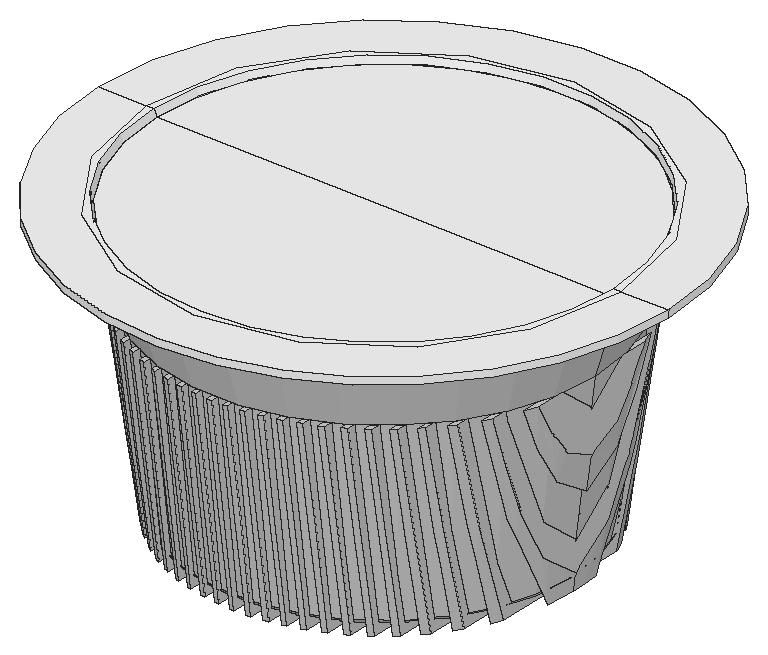
Revit family "LUXI_DOWNLIGHT_CC", category Apparecchi per illuminazione, host Superficie, Revit 2016
Family settings
  Host = Superficie
  Tipo di parte = Normale
  Quota connettore circolare = Usa diametro
  Numero OmniClass = 23.80.70.00
  Titolo OmniClass = Lighting
  Taglio con vuoti quando caricato = No
  Sorgente d'illuminazione = Sì
  Condiviso = No
  Punto di calcolo locali = Sì
Parameters (values of type "DLCC022150WX940")
  Wattage = 14.1374 W
  Vita utile = "L70B20 50.000ore"  # constant formula
  Variazione temperatura colore lampada con luminosità attenuata = <Nessuno>
  Uniclass 2015 Descrizione = "Lighting"  # constant formula
  Uniclass 2015 Codice = "EF_70_80"  # constant formula
  URL = "https://www.luxi.lighting/"
  Tipologie di installazione = "Incasso"  # constant formula
  Temperatura di esercizio = "0°C / +40°C"  # constant formula
  built-in parameter 1150107 = 4000 (stored number, unit not read)
  Step MacAdam (SDCM) = "<3"  # constant formula
  Sorgente = "LED SMD"  # constant formula
  Sistema di illuminazione = "luce indiretta (edge light)"  # constant formula
  Simbolo [instance] = yes
  Revisione = "3"  # constant formula
  Rendi la forma visibile nel rendering = no
  Regolazione del flusso luminoso = "1-10V / DALI / PUSH DIM (opzionali)"  # constant formula
  Protezione agli urti = "IK06 (1 Joule)"  # constant formula
  Prospetto di default = 2000 mm
  Produttore = "Luxi Illuminazione S.r.l."  # constant formula
  Potenza = 22 W
  Peso = 0.52 kg
  built-in parameter 1150110 = 1 (stored number, unit not read)
  built-in parameter 1150109 = 1 (stored number, unit not read)
  built-in parameter 1114218 = 1 (stored number, unit not read)
  built-in parameter 1150112 = 1 (stored number, unit not read)
  Ottiche = "Riflettore metallizzato UGR≤19"  # constant formula
  OFF3 = OFF2 + 8 mm + 1 mm  # 69 mm
  OFF2 = (Incasso / 2) - 16 mm + 1 mm  # 60 mm
  OFF1 = H - 26.6 mm  # 63.4 mm
  Modello = "Serie CC | Downlight"  # constant formula
  built-in parameter 1150137 = 1
  built-in parameter 1150132 = 2
  Materiale 3 = Alluminio_Grigio
  Materiale 2 = Tecnopolimero Opalino Diffondente
  Materiale 1 = Policarbonato_Bianco
  Masterformat 2016 Descrizione = "Lighting"  # constant formula
  Masterformat 2016 Codice = "26.50.00"  # constant formula
  built-in parameter 1150105 = 1861.5 (stored number, unit not read)
  built-in parameter 1150102 = (empty or 0)
  Indice di resa cromatica = "≥90 (typ.)"
  Incasso = 150 mm
  built-in parameter 1150106 = 18.615 (stored number, unit not read)
  IFCExportAs = "IfcLightFixtureType"  # constant formula
  H = 90 mm
  Grado di protezione = "IP 20"  # constant formula
  Garanzia = "5 anni"  # constant formula
  Lumens = 2100 lm
  Color Filter = 16777215
  File diagramma fotometrico = "DLCC022150WX840 Luxi Serie CC 22W 4000K UGR19.IES"
  built-in parameter 1114217 = 1 (stored number, unit not read)
  built-in parameter 1150139 = (empty or 0)
  Fattore di correzione di potenza = "≥0,95 (typ.)"  # constant formula
  Emit from Circle Diameter = Diametro - (17.4 mm * 2)  # 145.2 mm
  built-in parameter 1150104 = 13.8 (stored number, unit not read)
  built-in parameter 1150115 = 1 (stored number, unit not read)
  built-in parameter 1150114 = 1 (stored number, unit not read)
  built-in parameter 1150113 = 1 (stored number, unit not read)
  Dimensioni = "Ø180x90 incasso Ø150"
  Diametro = 180 mm
  Descrizione = "LED Downlight"  # constant formula
  built-in parameter 1150134 = 12
  built-in parameter 1150138 = (empty or 0)
  Colore = "Bianco (cornice)"  # constant formula
  Classe di rischio fotobiologico = "Esente (RG0)"  # constant formula
  Classe di protezione = "II"  # constant formula
  Classe di efficienza energetica = "A+"  # constant formula
  Certificazioni = "CE / RohS"  # constant formula
  Carico apparente = Potenza  # 22 VA
  Articolo = "DLCC022150WX940"
  Angolo inclinazione = -90.00°
  Alimentazione = "220-240V AC / 50-60 Hz"  # constant formula
  Alimentatore = "Incluso, non dimmerabile"  # constant formula
  built-in parameter 1150133 = 10 (stored number, unit not read)
Types (4, lengths in mm): name | Wattage | Potenza | Peso | OFF3 | OFF2 | OFF1 | built-in parameter 1150105 | Indice di resa cromatica | Incasso | built-in parameter 1150106 | H | Lumens | File diagramma fotometrico | Emit from Circle Diameter | Dimensioni | Diametro | Carico apparente | Articolo
  (no name) | 14.1374 W | 22 W | 0.52 kg | 69 | 60 | 63.4 | 1861.5 (stored number, unit not read) | "≥90 (typ.)" | 150 | 18.615 (stored number, unit not read) | 90 | 2100 lm | "DLCC022150WX840 Luxi Serie CC 22W 4000K UGR19.IES" | 145.2 | "Ø180x90 incasso Ø150" | 180 | 22 VA | "DLCC022150WX940"
  DLCC012120WX840 | 7.74192 W | 12 W | 0.32 kg | 54 | 45 | 41.4 | 91.514 (stored number, unit not read) | "≥80 (typ.)" | 120 | 0.91514 (stored number, unit not read) | 68 | 1150 lm | "DLCC012120WX840 Luxi Serie CC 12W 4000K UGR19.IES" | 105.2 | "Ø140x68 incasso Ø120" | 140 | 12 VA | "DLCC012120WX840"
  DLCC022150WX940 | 14.1374 W | 22 W | 0.52 kg | 69 | 60 | 63.4 | 1861.5 (stored number, unit not read) | "≥90 (typ.)" | 150 | 18.615 (stored number, unit not read) | 90 | 2100 lm | "DLCC022150WX840 Luxi Serie CC 22W 4000K UGR19.IES" | 145.2 | "Ø180x90 incasso Ø150" | 180 | 22 VA | "DLCC022150WX940"
  DLCC032200WX840 | 19.5231 W | 32 W | 0.92 kg | 94 | 85 | 93.4 | 2127.4 (stored number, unit not read) | "≥80 (typ.)" | 200 | 21.274 (stored number, unit not read) | 120 | 2900 lm | "DLCC032200WX840 Luxi Serie CC 32W 4000K UGR19.IES" | 195.2 | "Ø230x120 incasso Ø200" | 230 | 32 VA | "DLCC032200WX840"
Reference planes
  plane 1 "Centro (Fronte/Retro)": y = 0
  plane 2: z = 0
  plane 3 "Centro (Sinistra/Destra)": x = 0
  plane 4: x = -90
  plane 5: x = -75
  plane 6: x = -66.951
  plane 7: x = -59.206
  plane 8: x = 90
  plane 9: x = 75
  plane 10: x = 66.951
  plane 11: x = 59.206
  plane 12: z = 2.192
  plane 13 "RAD_Base": z = -87.808
  plane 14: z = -84.739
  plane 15: z = -24.405
Forms (mm)
  Revolve 1, solid, material "Alluminio_Grigio" <- "Materiale 3"
    sketch origin (0, 0, 0) x (1, 0, 0) y (0, 0, 1)
      loop
        line (-75, 0) -> (-66.951, -24.405) -> (-59.343, -83.917)
        arc (-59.343, -83.917) -> (-59.009, -84.504) -> (-58.373, -84.734) r 0.977
        line (-58.373, -84.734) -> (0, -84.447) -> (0, 0) -> (-75, 0)
      axis (0, 0) -> (0, -84.734)
    angle from 0 to 360
  Revolve 2, void
    sketch origin (0, 0, 0) x (1, 0, 0) y (0, 0, 1)
      loop
        line (-72.564, 2.192) -> (-63.792, -24.405) -> (0, -24.405) -> (0, 2.192) -> (-72.564, 2.192)
      axis (0, 2.192) -> (0, -24.405)
    angle from 0 to 360
  Extrusion 3, void
    sketch origin (0, 0, 0) x (1, 0, 0) y (0, 1, 0)
      loop
        circle (0, 0) r 75
    from -119.284 to 250
  Revolve 4, solid, material "Tecnopolimero Opalino Diffondente" <- "Materiale 2"
    sketch origin (0, 0, 0) x (1, 0, 0) y (0, 0, 1)
      loop
        line (-63.792, -24.405) -> (0, -24.405) -> (0, 0) -> (-71.841, 0) -> (-63.792, -24.405)
      axis (0, 0) -> (0, -24.405)
    angle from 0 to 360
  Revolve 5, solid, material "Policarbonato_Bianco" <- "Materiale 1"
    sketch origin (0, 0, 0) x (1, 0, 0) y (0, 0, 1)
      loop
        line (-90, 2.192) -> (-90, 0) -> (-71.841, 0) -> (-72.564, 2.192) -> (-75, 2.192) -> (-90, 2.192)
      axis (0, 2.192) -> (0, 0)
    angle from 0 to 360
Cuts and joins
  Revolve 2 cuts Revolve 1
Dimensions and locks
  equal spacing: plane 8, plane 3 "Centro (Sinistra/Destra)", plane 4
  equal spacing: plane 9, plane 3 "Centro (Sinistra/Destra)", plane 5
  equal spacing: plane 10, plane 3 "Centro (Sinistra/Destra)", plane 6
  equal spacing: plane 11, plane 3 "Centro (Sinistra/Destra)", plane 7
  "Incasso": plane 9 to plane 5
  "Diametro": plane 8 to plane 4
  locked: plane 12 to host face at 2.192
  locked: plane 14 to plane 13 "RAD_Base" at 3.069
  "H": plane 12 to plane 13 "RAD_Base"
  locked: host face to plane 15 at 24.405
  locked: plane 6 to plane 5 at 8.049
  locked: plane 7 to plane 6 at 7.745
  level to plane 15 = 24.405 mm
  "Incasso": diameter of Extrusion 3 sketch curve
  aligned and locked: plane 2 to host face
  aligned and locked: level to host face
  aligned and locked: imposter light to plane 12
Automatic sketch dimensions
  host sketch curve to host sketch curve = 2438.4 mm  (x2)
  Revolve 2 sketch curve to plane 15 = 0 mm
  Revolve 2 sketch curve to plane 3 "Centro (Sinistra/Destra)" = 0 mm  (x2)
  plane 6 to Revolve 2 sketch curve = 3.159 mm
  plane 5 to Revolve 2 sketch curve = 2.436 mm
  plane 13 "RAD_Base" to Revolve 2 sketch curve = 535.655 mm
  Revolve 2 sketch curve to plane 12 = 2606.866 mm
  Revolve 2 sketch curve to plane 12 = 0 mm
  Revolve 4 sketch curve to level = 0 mm
  Revolve 4 sketch curve to plane 15 = 0 mm
  Revolve 4 sketch curve to plane 3 "Centro (Sinistra/Destra)" = 0 mm
  plane 5 to Revolve 4 sketch curve = 3.159 mm
  plane 6 to Revolve 4 sketch curve = 3.159 mm
  Revolve 1 sketch curve to level = 0 mm
  Revolve 1 sketch curve to plane 5 = 0 mm
  Revolve 1 sketch curve to plane 6 = 0 mm
  Revolve 1 sketch curve to plane 3 "Centro (Sinistra/Destra)" = 0 mm  (x2)
  Revolve 1 sketch curve to plane 15 = 0 mm
  Revolve 1 sketch curve to plane 7 = 0.137 mm
  plane 7 to Revolve 1 sketch curve = 0.827 mm
  Revolve 1 sketch curve to plane 14 = 0.006 mm
  plane 7 to Revolve 1 sketch curve = 0.833 mm
  Revolve 1 sketch curve to plane 14 = 0.292 mm
  Revolve 1 sketch curve to plane 14 = 0.822 mm
  plane 13 "RAD_Base" to Revolve 1 sketch curve = 535.655 mm
  Revolve 1 sketch curve to Revolve 1 sketch curve = 2609.058 mm
  Revolve 5 sketch curve to plane 4 = 0 mm
  Revolve 5 sketch curve to plane 5 = 0 mm
  Revolve 5 sketch curve to plane 12 = 0 mm
  Revolve 5 sketch curve to level = 0 mm
  plane 5 to Revolve 5 sketch curve = 2.436 mm
  Revolve 5 sketch curve to Revolve 5 sketch curve = 0.723 mm
  plane 1 "Centro (Fronte/Retro)" to Extrusion 3 sketch curve = 0 mm
  Extrusion 3 sketch curve to plane 3 "Centro (Sinistra/Destra)" = 0 mm
Nested families
  nested 1: "CC_Radiators" at (0, 0, -87.808) x (-1, 0, 0) z (0, 0, -1), ALT <- "OFF1", A <- "OFF2", B <- "OFF3", Materiale <- "Materiale 3", type "CC_Radiators"
    with Materiale Alluminio_Grigio, B 69 mm, ALT 63.4 mm, A 60 mm
  nested 2: "Spot_CircDET" at (0, 0, 0), DiamEXT <- "Diametro", DiamINT <- "Incasso", visible <- "Simbolo", type "Spot_CircDET"
    with DiamINT 150 mm, DiamEXT 180 mm
Connectors
  electrical at (0, 0, -87.808), driven by "Potenza"
    settings: index 1, voltage 230 V, apparent load 0 VA, apparent load phase1 22 VA, apparent load phase2 0 VA, apparent load phase3 0 VA, power factor 1, load classification "Altro", number of poles 1, system type 31, power factor state 1, is connector primary yes, connector utility no, sub classification motor no, connector description ""
Definition of nested family "CC_Radiators"
  Parameters (values of type "Radiators")
    Default Elevation = 1219.2 mm
    Materiale [instance] = none
    B [instance] = 92.965 mm
    ALT [instance] = 120 mm
    A [instance] = 84.709 mm
  Reference planes
    plane 1 "Centro (Fronte/Retro)": y = 0
    plane 2: z = 0
    plane 3 "Centro (Sinistra/Destra)": x = 0
    plane 4: y = 125
    plane 5: y = -125
    plane 6: x = -125
    plane 7: x = 125
    plane 8: z = -120
  Forms (mm)
    Extrusion 1, solid
      sketch origin (0, 0, 0) x (1, 0, 0) y (0, 1, 0)
        loop
          line (-1219.2, 1219.2) -> (-1219.2, -1219.2) -> (1219.2, -1219.2) -> (1219.2, 1219.2) -> (-1219.2, 1219.2)
      from 0 to -304.8
    Extrusion 2, solid, material <- "Materiale"
      sketch origin (0, 0, 0) x (0, -1, 0) y (1, 0, 0)
        loop
          line (-125, -0.75) -> (125, -0.75) -> (125, 0.75) -> (-125, 0.75) -> (-125, -0.75)
        loop
          line (-125, 4.25) -> (125, 4.25) -> (125, 5.75) -> (-125, 5.75) -> (-125, 4.25)
        loop
          line (-125, 9.25) -> (125, 9.25) -> (125, 10.75) -> (-125, 10.75) -> (-125, 9.25)
        loop
          line (-125, 14.25) -> (125, 14.25) -> (125, 15.75) -> (-125, 15.75) -> (-125, 14.25)
        loop
          line (-125, 19.25) -> (125, 19.25) -> (125, 20.75) -> (-125, 20.75) -> (-125, 19.25)
        loop
          line (-125, 24.25) -> (125, 24.25) -> (125, 25.75) -> (-125, 25.75) -> (-125, 24.25)
        loop
          line (-125, 29.25) -> (125, 29.25) -> (125, 30.75) -> (-125, 30.75) -> (-125, 29.25)
        loop
          line (-125, 34.25) -> (125, 34.25) -> (125, 35.75) -> (-125, 35.75) -> (-125, 34.25)
        loop
          line (-125, 39.25) -> (125, 39.25) -> (125, 40.75) -> (-125, 40.75) -> (-125, 39.25)
        loop
          line (-125, 44.25) -> (125, 44.25) -> (125, 45.75) -> (-125, 45.75) -> (-125, 44.25)
        loop
          line (-125, 49.25) -> (125, 49.25) -> (125, 50.75) -> (-125, 50.75) -> (-125, 49.25)
        loop
          line (-125, 54.25) -> (125, 54.25) -> (125, 55.75) -> (-125, 55.75) -> (-125, 54.25)
        loop
          line (-125, 59.25) -> (125, 59.25) -> (125, 60.75) -> (-125, 60.75) -> (-125, 59.25)
        loop
          line (-125, 64.25) -> (125, 64.25) -> (125, 65.75) -> (-125, 65.75) -> (-125, 64.25)
        loop
          line (-125, 69.25) -> (125, 69.25) -> (125, 70.75) -> (-125, 70.75) -> (-125, 69.25)
        loop
          line (-125, 74.25) -> (125, 74.25) -> (125, 75.75) -> (-125, 75.75) -> (-125, 74.25)
        loop
          line (-125, 79.25) -> (125, 79.25) -> (125, 80.75) -> (-125, 80.75) -> (-125, 79.25)
        loop
          line (-125, 84.25) -> (125, 84.25) -> (125, 85.75) -> (-125, 85.75) -> (-125, 84.25)
        loop
          line (-125, 89.25) -> (125, 89.25) -> (125, 90.75) -> (-125, 90.75) -> (-125, 89.25)
        loop
          line (-125, 94.25) -> (125, 94.25) -> (125, 95.75) -> (-125, 95.75) -> (-125, 94.25)
        loop
          line (-125, 99.25) -> (125, 99.25) -> (125, 100.75) -> (-125, 100.75) -> (-125, 99.25)
        loop
          line (-125, 104.25) -> (125, 104.25) -> (125, 105.75) -> (-125, 105.75) -> (-125, 104.25)
        loop
          line (-125, 109.25) -> (125, 109.25) -> (125, 110.75) -> (-125, 110.75) -> (-125, 109.25)
        loop
          line (-125, 114.25) -> (125, 114.25) -> (125, 115.75) -> (-125, 115.75) -> (-125, 114.25)
        loop
          line (-125, 119.25) -> (125, 119.25) -> (125, 120.75) -> (-125, 120.75) -> (-125, 119.25)
        loop
          line (-125, 124.25) -> (125, 124.25) -> (125, 125.75) -> (-125, 125.75) -> (-125, 124.25)
        loop
          line (-125, -4.25) -> (-125, -5.75) -> (125, -5.75) -> (125, -4.25) -> (-125, -4.25)
        loop
          line (-125, -9.25) -> (-125, -10.75) -> (125, -10.75) -> (125, -9.25) -> (-125, -9.25)
        loop
          line (-125, -14.25) -> (-125, -15.75) -> (125, -15.75) -> (125, -14.25) -> (-125, -14.25)
        loop
          line (-125, -19.25) -> (-125, -20.75) -> (125, -20.75) -> (125, -19.25) -> (-125, -19.25)
        loop
          line (-125, -24.25) -> (-125, -25.75) -> (125, -25.75) -> (125, -24.25) -> (-125, -24.25)
        loop
          line (-125, -29.25) -> (-125, -30.75) -> (125, -30.75) -> (125, -29.25) -> (-125, -29.25)
        loop
          line (-125, -34.25) -> (-125, -35.75) -> (125, -35.75) -> (125, -34.25) -> (-125, -34.25)
        loop
          line (-125, -39.25) -> (-125, -40.75) -> (125, -40.75) -> (125, -39.25) -> (-125, -39.25)
        loop
          line (-125, -44.25) -> (-125, -45.75) -> (125, -45.75) -> (125, -44.25) -> (-125, -44.25)
        loop
          line (-125, -49.25) -> (-125, -50.75) -> (125, -50.75) -> (125, -49.25) -> (-125, -49.25)
        loop
          line (-125, -54.25) -> (-125, -55.75) -> (125, -55.75) -> (125, -54.25) -> (-125, -54.25)
        loop
          line (-125, -59.25) -> (-125, -60.75) -> (125, -60.75) -> (125, -59.25) -> (-125, -59.25)
        loop
          line (-125, -64.25) -> (-125, -65.75) -> (125, -65.75) -> (125, -64.25) -> (-125, -64.25)
        loop
          line (-125, -69.25) -> (-125, -70.75) -> (125, -70.75) -> (125, -69.25) -> (-125, -69.25)
        loop
          line (-125, -74.25) -> (-125, -75.75) -> (125, -75.75) -> (125, -74.25) -> (-125, -74.25)
        loop
          line (-125, -79.25) -> (-125, -80.75) -> (125, -80.75) -> (125, -79.25) -> (-125, -79.25)
        loop
          line (-125, -84.25) -> (-125, -85.75) -> (125, -85.75) -> (125, -84.25) -> (-125, -84.25)
        loop
          line (-125, -89.25) -> (-125, -90.75) -> (125, -90.75) -> (125, -89.25) -> (-125, -89.25)
        loop
          line (-125, -94.25) -> (-125, -95.75) -> (125, -95.75) -> (125, -94.25) -> (-125, -94.25)
        loop
          line (-125, -99.25) -> (-125, -100.75) -> (125, -100.75) -> (125, -99.25) -> (-125, -99.25)
        loop
          line (-125, -104.25) -> (-125, -105.75) -> (125, -105.75) -> (125, -104.25) -> (-125, -104.25)
        loop
          line (-125, -109.25) -> (-125, -110.75) -> (125, -110.75) -> (125, -109.25) -> (-125, -109.25)
        loop
          line (-125, -114.25) -> (-125, -115.75) -> (125, -115.75) -> (125, -114.25) -> (-125, -114.25)
        loop
          line (-125, -119.25) -> (-125, -120.75) -> (125, -120.75) -> (125, -119.25) -> (-125, -119.25)
        loop
          line (-125, -124.25) -> (-125, -125.75) -> (125, -125.75) -> (125, -124.25) -> (-125, -124.25)
      from 0 to -120
    Revolve 3, void
      sketch origin (0, 0, -117.808) x (1, 0, 0) y (0, 0, 1)
        loop
          line (-92.965, -2.192) -> (-84.709, 117.808) -> (-300, 117.808) -> (-300, -2.192) -> (-92.965, -2.192)
        axis (0, -2.192) -> (0, 117.808)
      angle from 0 to 360
  Cuts and joins
    Revolve 3 cuts Extrusion 2
  Dimensions and locks
    equal spacing: plane 6, plane 3 "Centro (Sinistra/Destra)", plane 7
    equal spacing: plane 4, plane 1 "Centro (Fronte/Retro)", plane 5
    plane 6 to plane 7 = 250 mm
    plane 4 to plane 5 = 250 mm
    "ALT": plane 8 to Extrusion 1
    "A": Revolve 3 sketch curve to Revolve 3 sketch curve
    "B": Revolve 3 sketch curve to Revolve 3 sketch curve
    locked: Revolve 3 sketch curve to Revolve 3 sketch curve at 300
    "ALT": Extrusion 1 to Revolve 3 sketch curve
    aligned and locked: plane 2 to Extrusion 1
    aligned and locked: level to Extrusion 1
    aligned and locked: Extrusion 2 to plane 8
  Automatic sketch dimensions
    Extrusion 1 sketch curve to Extrusion 1 sketch curve = 2438.4 mm  (x2)
    Extrusion 2 sketch curve to plane 4 = 0 mm  (x51)
    plane 5 to Extrusion 2 sketch curve = 0 mm  (x51)
    Extrusion 2 sketch curve to plane 6 = 0.75 mm
    plane 6 to Extrusion 2 sketch curve = 0.75 mm
    Extrusion 2 sketch curve to Extrusion 2 sketch curve = 3.5 mm  (x48)
    Extrusion 2 sketch curve to Extrusion 2 sketch curve = 1.5 mm  (x48)
    Extrusion 2 sketch curve to plane 3 "Centro (Sinistra/Destra)" = 0.75 mm
    plane 3 "Centro (Sinistra/Destra)" to Extrusion 2 sketch curve = 0.75 mm
    Extrusion 2 sketch curve to plane 7 = 0.75 mm
    plane 7 to Extrusion 2 sketch curve = 0.75 mm
    Revolve 3 sketch curve to level = 0 mm
    Revolve 3 sketch curve to plane 3 "Centro (Sinistra/Destra)" = 0 mm
    plane 8 to Revolve 3 sketch curve = 2446.091 mm
    level to Revolve 3 sketch curve = 535.655 mm
Definition of nested family "Spot_CircDET"
  Parameters (values of type "Spot_CircDET")
    DiamINT [instance] = 680 mm
    DiamEXT [instance] = 800 mm
  Reference planes
    plane 1 "Centro (Fronte/Retro)": y = 0
    plane 2: z = 0
    plane 3 "Centro (Sinistra/Destra)": x = 0
  Lines and regions (mm)
    detail lines, in view "Livello rif."
      curve 1: circle (0, 0, 0) r 400 normal (0, 0, 1)
      curve 2: circle (0, 0, 0) r 340 normal (0, 0, 1)
  Dimensions and locks
    "DiamEXT": diameter of curve 1
    "DiamINT": diameter of curve 2
  Automatic sketch dimensions
    curve 1 to curve 2 = 0 mm  (x2)
    plane 1 "Centro (Fronte/Retro)" to curve 2 = 0 mm
    curve 2 to plane 3 "Centro (Sinistra/Destra)" = 0 mm
